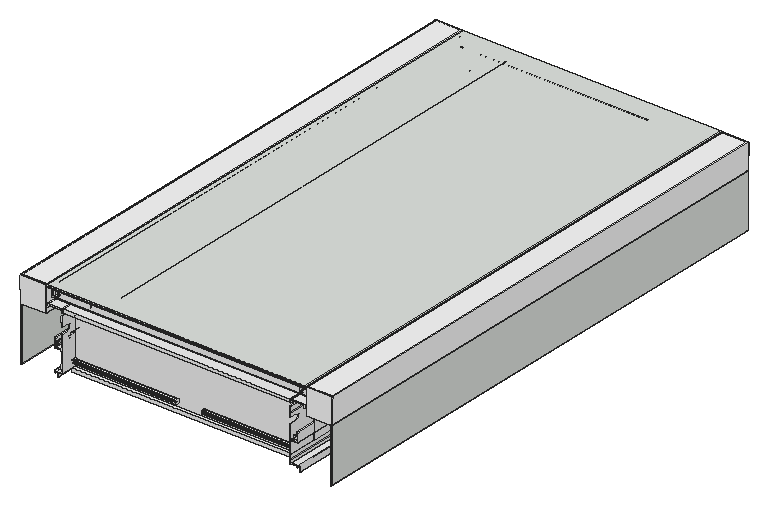
Revit family "Furniture-Lighted_Mirror_Cabinet-KOHLER-Verdera-K-26381T_1", category Lighting Fixtures, host Face, Revit 2021
Family settings
  Host = Face
  Round Connector Dimension = Use Diameter
  Part Type = Normal
  OmniClass Number = 23.25.53.11.13.11
  OmniClass Title = Medicine Cabinet
  Cut with Voids When Loaded = No
  Light Source = Yes
  Shared = No
  Room Calculation Point = No
Parameters (values of type "NA-Mild Silver")
  Width = 18 115/128"  # constant formula
  Wattage Comments = "36W"  # constant formula
  Wattage = 35.9911 W
  WaterSense Certified = 1 = 0  # no
  built-in parameter 1150110 = 1 (stored number, unit not read)
  Voltage = 220 V  # constant formula
  URL = "http://www.kohler.com.cn/"
  Type = 1
  built-in parameter 1114217 = 1 (stored number, unit not read)
  built-in parameter 1150109 = 1 (stored number, unit not read)
  built-in parameter 1150134 = 12
  built-in parameter 1150113 = 1 (stored number, unit not read)
  Product Page URL = "https://www.kohler.com.cn/product/K-26381T-L-NA/K-26381T-L-NA/"
  Product Name = "Verdera"  # constant formula
  Product Documentation Link = "https://files.kohler.com.cn/pdfs/1604632419058_%E6%96%B0%E7%BB%B4%E4%B9%902.0%E9%95%9C%E6%9F%9C%E9%93%B6%E8%89%B2%E7%89%88%E5%AE%89%E8%A3%85%E8%AF%B4%E6%98%8E%E4%B9%A6.pdf"
  Model = "K-26381T-L-NA"  # constant formula
  Material = "Aluminium"  # constant formula
  Master Format 2014 Name = "Storage Cabinets"  # constant formula
  Master Format 2014 = "41 53 13"  # constant formula
  Manufacturer Address = "Kohler Beijing Office (100016) 36-2-03-B, No. 88, Liuxiang Road, Beijing"  # constant formula
  Manufacturer = "Kohler Co."  # constant formula
  built-in parameter 1150105 = 413.8 (stored number, unit not read)
  Lumens = 1300 lm
  built-in parameter 1150115 = 1 (stored number, unit not read)
  Light Source Symbol Size = 9"  # constant formula
  built-in parameter 1150137 = (empty or 0)
  built-in parameter 1150139 = (empty or 0)
  Length = 4 59/64"  # constant formula
  built-in parameter 1150112 = 1 (stored number, unit not read)
  built-in parameter 1150114 = 1 (stored number, unit not read)
  Lamp = "LED "  # constant formula
  built-in parameter 1150132 = 2
  built-in parameter 1150102 = (empty or 0)
  built-in parameter 1150107 = 4000 (stored number, unit not read)
  built-in parameter 1150138 = (empty or 0)
  built-in parameter 1150106 = 4.138 (stored number, unit not read)
  Height = 31 71/128"  # constant formula
  Hardware Included = 1 = 0  # no
  Finish = KOHLER-Metal-NA-Mild_Silver
  Environmental Product Declaration = ""
  Emit from Line Length = 24"
  Electrical Note = "One Dedicated Circuit Required"  # constant formula
  Electrical Connector = 1 = 1  # yes
  built-in parameter 1150104 = 3.3557 (stored number, unit not read)
  Dimming Lamp Color Temperature Shift = Incandescent Lamp Curve
  Description = "New Weile 2.0 Mirror Cabinet (500MM, Silver, Left Door)"  # constant formula
  Default Elevation = 60"
  Declare Label = ""
  Date Modified = "08/03/2022"  # constant formula
  Date Created = "08/03/2022"  # constant formula
  Copyright = "Copyright Kohler Co."  # constant formula
  Contact Us = "http://www.kohler.com.cn/contact/contact-us/"
  Color Filter = 16777215
  built-in parameter 1114218 = 1 (stored number, unit not read)
  built-in parameter 1150133 = 10 (stored number, unit not read)
  Assembly Code = "E2010"
  Apparent Load = 36 VA  # constant formula
  ADA Compliant = 1 = 0  # no
Reference planes (in)
  plane 1 "Center (Front/Back)": y = 0
  plane 2: z = 0
  plane 3 "Center (Left/Right)": x = 0
  plane 4: y = 15.80709
  plane 5: x = 9.44882
  plane 6: x = 8.66203
  plane 7: x = -9.44962
  plane 8: x = -8.66203
  plane 9: y = 15.74803
  plane 10: x = 6.2279
  plane 11: x = -7.81496
  plane 12: x = 7.81496
  plane 13: z = 1.9685
  plane 14: z = 4.1381
  plane 15: z = 4.92187
  plane 16: z = 3.34722
  plane 17: y = -15.7476
Dimensions and locks (in)
  "Width": plane 7 to plane 5
  "Height": plane 4 to plane 17
  "Length": plane 15 to level
  plane 11 to plane 12 = 15.62992"
  plane 6 to imposter light = 17.32406"
  plane 15 to plane 16 = 1.57466"
  plane 16 to level = 3.34722"
  aligned and locked: plane 2 to host face
  aligned and locked: level to host face
Automatic sketch dimensions
  host sketch curve to host sketch curve = 96"  (x2)
Nested families (in)
  nested 1: "K-26381T" at (3.93701, 0, 0), type "K-26381T"
Connectors (in)
  electrical at (6.2279, 15.80709, 1.9685), driven by "Voltage", driven by "Apparent Load", driven by "Electrical Connector", driven by "Electrical Note"
    settings: on nested 1, index 1, voltage 220 V, apparent load 36 VA, apparent load phase1 0 VA, apparent load phase2 0 VA, apparent load phase3 0 VA, power factor 1, load classification "Lighting", number of poles 1, system type 30, power factor state 1, is connector primary yes, connector utility yes, sub classification motor no, connector description "One Dedicated Circuit Required"
Definition of nested family "K-26381T"
  Parameters (values of type "K-26381T")
    Wattage = 8.75174 W
    built-in parameter 1150110 = 1 (stored number, unit not read)
    built-in parameter 1114217 = 1 (stored number, unit not read)
    built-in parameter 1150109 = 1 (stored number, unit not read)
    built-in parameter 1150134 = 12
    built-in parameter 1150113 = 1 (stored number, unit not read)
    Material = none
    built-in parameter 1150105 = 413.8 (stored number, unit not read)
    Lumens = 1300 lm
    built-in parameter 1150115 = 1 (stored number, unit not read)
    Light Source Symbol Size = 9"
    built-in parameter 1150137 = (empty or 0)
    built-in parameter 1150139 = (empty or 0)
    built-in parameter 1150112 = 1 (stored number, unit not read)
    built-in parameter 1150114 = 1 (stored number, unit not read)
    built-in parameter 1150132 = 2
    built-in parameter 1150102 = (empty or 0)
    built-in parameter 1150107 = 4000 (stored number, unit not read)
    built-in parameter 1150138 = (empty or 0)
    built-in parameter 1150106 = 4.138 (stored number, unit not read)
    Emit from Line Length = 24"
    built-in parameter 1150104 = 13.8 (stored number, unit not read)
    Dimming Lamp Color Temperature Shift = 1
    Default Elevation = 0"
    Color Filter = 16777215
    built-in parameter 1114218 = 1 (stored number, unit not read)
    built-in parameter 1150133 = 10 (stored number, unit not read)
  Reference planes (in)
    plane 1 "Center (Front/Back)": y = 0
    plane 2: z = 0
    plane 3 "Center (Left/Right)": x = -3.93701
    plane 4: y = -15.74803
    plane 5: z = 2.28161
    plane 6: z = 4.92126
    plane 7: x = 5.51181
    plane 8: x = -13.38583
    plane 9: y = 15.80709
    plane 10: z = 3.3466
    plane 11: x = -12.59179
    plane 12: x = 4.72502
    plane 13: z = 4.1381
    plane 14: x = -11.75197
    plane 15: x = 3.87795
    plane 16 "conn": z = 1.9685
    plane 17 "Conn": x = 2.29089
  Forms (in)
    Sweep 1, solid
      path origin (-18.89764, 0, 0) x (1, 0, 0) y (0, 1, 0)
        loop
          line (22.74409, -15.71654) -> (22.74409, 15.71654) -> (7.17717, 15.71654) -> (7.17717, -15.71654) -> (22.74409, -15.71654)
      profile origin (3.84646, 0, 0) x (-1, 0, 0) y (0, 0, 1)
        loop
          line (0, 4.92141) -> (-0.0315, 4.88991) -> (-0.0315, 4.83479) -> (0, 4.8033) -> (0.88625, 4.8033) -> (0.88625, 4.92141) -> (0, 4.92141)
    Extrusion 2, solid, material <- "Material", detail levels medium+fine
      sketch origin (-14.4685, 0, 0.03076) x (0, 1, 0) y (0, 0, 1)
        loop
          line (15.51181, 4.19188) -> (15.51181, 4.63386)
          arc (15.51181, 4.63386) -> (15.52334, 4.6617) -> (15.55118, 4.67323) r 0.03937
          line (15.55118, 4.67323) -> (15.66022, 4.67323)
          arc (15.66022, 4.67323) -> (15.70943, 4.72244) -> (15.66022, 4.77165) r 0.04921
          line (15.66022, 4.77165) -> (15.41339, 4.77165) -> (15.41339, 4.19188)
          arc (15.41339, 4.19188) -> (15.4626, 4.14267) -> (15.51181, 4.19188) r 0.04921
      from 2.75591 to 16.79134
    Extrusion 3, solid
      sketch origin (0, 0, 0) x (1, 0, 0) y (0, 1, 0)
        loop
          line (-10.83422, 14.83029) -> (-10.83422, -14.83029) -> (2.96021, -14.83029) -> (2.96021, 14.83029) -> (-10.83422, 14.83029)
      from 4.80315 to 4.92126
    Sweep 4, solid
      path origin (3.93701, 0, 0) x (0, 1, 0) y (0, 0, -1)
        loop
          line (15.70866, -0.11811) -> (-15.70866, -0.11811) -> (-15.70866, -3.30709) -> (15.70866, -3.30709) -> (15.70866, -0.11811)
      profile origin (3.93701, 0, 0.11811) x (0, 0, 1) y (-1, 0, 0)
        loop
          line (0.13338, 17.20472) -> (0.13338, 17.32283) -> (0.00015, 17.32283) -> (-0.03937, 17.28332) -> (-0.03937, 17.24424) -> (0.00015, 17.20472) -> (0.13338, 17.20472)
    Extrusion 5, solid
      sketch origin (3.93701, 0, 0) x (0, 1, 0) y (0, 0, -1)
        loop
          line (-15.57528, -3.17371) -> (15.57528, -3.17371) -> (15.57528, -0.25149) -> (-15.57528, -0.25149) -> (-15.57528, -3.17371)
      from 17.20472 to 17.32283
    Extrusion 6, solid
      sketch origin (3.93701, 0, 0) x (1, 0, 0) y (0, 0, 1)
        loop
          arc (-17.32283, 3.38604) -> (-17.31124, 3.35805) -> (-17.28326, 3.34646) r 0.03958
          line (-17.28326, 3.34646) -> (-15.7874, 3.34646)
          arc (-15.7874, 3.34646) -> (-15.75956, 3.35799) -> (-15.74803, 3.38583) r 0.03937
          line (-15.74803, 3.38583) -> (-15.74803, 4.88194)
          arc (-15.74803, 4.88194) -> (-15.75955, 4.90974) -> (-15.78735, 4.92126) r 0.03932
          line (-15.78735, 4.92126) -> (-17.28318, 4.92126)
          arc (-17.28318, 4.92126) -> (-17.31122, 4.90965) -> (-17.32283, 4.88161) r 0.03965
          line (-17.32283, 4.88161) -> (-17.32283, 3.38604)
        loop
          line (-15.78735, 4.90157) -> (-17.28318, 4.90157)
          arc (-17.28318, 4.90157) -> (-17.2973, 4.89573) -> (-17.30315, 4.88161) r 0.01997
          line (-17.30315, 4.88161) -> (-17.30315, 3.38604)
          arc (-17.30315, 3.38604) -> (-17.29732, 3.37197) -> (-17.28326, 3.36614) r 0.01989
          line (-17.28326, 3.36614) -> (-15.7874, 3.36614)
          arc (-15.7874, 3.36614) -> (-15.77348, 3.37191) -> (-15.76772, 3.38583) r 0.01969
          line (-15.76772, 3.38583) -> (-15.76772, 4.88194)
          arc (-15.76772, 4.88194) -> (-15.77347, 4.89582) -> (-15.78735, 4.90157) r 0.01963
      from -15.68898 to 15.68898
    Extrusion 7, solid
      sketch origin (3.93701, 0, 0) x (1, 0, 0) y (0, 0, 1)
        loop
          arc (-17.27149, 4.9152) -> (-17.30362, 4.90188) -> (-17.31693, 4.86975) r 0.04544
          line (-17.31693, 4.86975) -> (-17.31692, 3.39865)
          arc (-17.31692, 3.39865) -> (-17.30336, 3.36592) -> (-17.27063, 3.35236) r 0.04628
          line (-17.27063, 3.35236) -> (-15.80012, 3.35237)
          arc (-15.80012, 3.35237) -> (-15.76746, 3.3659) -> (-15.75393, 3.39857) r 0.04619
          line (-15.75393, 3.39857) -> (-15.75394, 4.86788)
          arc (-15.75394, 4.86788) -> (-15.76785, 4.90146) -> (-15.80142, 4.91536) r 0.04748
          line (-15.80142, 4.91536) -> (-17.27149, 4.9152)
      from -15.74803 to -15.68898
    Extrusion 8, solid
      sketch origin (3.93701, 0, 0) x (1, 0, 0) y (0, 0, -1)
        loop
          line (-17.27149, -4.9152) -> (-15.80142, -4.91536)
          arc (-15.80142, -4.91536) -> (-15.76785, -4.90146) -> (-15.75394, -4.86788) r 0.04748
          line (-15.75394, -4.86788) -> (-15.75393, -3.39857)
          arc (-15.75393, -3.39857) -> (-15.76746, -3.3659) -> (-15.80012, -3.35237) r 0.04619
          line (-15.80012, -3.35237) -> (-17.27063, -3.35236)
          arc (-17.27063, -3.35236) -> (-17.30336, -3.36592) -> (-17.31692, -3.39865) r 0.04628
          line (-17.31692, -3.39865) -> (-17.31693, -4.86975)
          arc (-17.31693, -4.86975) -> (-17.30362, -4.90188) -> (-17.27149, -4.9152) r 0.04544
      from -15.74803 to -15.68898
    Extrusion 9, solid, material <- "Material", detail levels medium+fine
      sketch origin (3.93701, 0, 0) x (-1, 0, 0) y (0, 0, -1)
        loop
          line (15.31496, -1.37795) -> (15.23622, -1.37795) -> (15.23622, -3.30709)
          arc (15.23622, -3.30709) -> (15.24775, -3.33493) -> (15.27559, -3.34646) r 0.03937
          line (15.27559, -3.34646) -> (15.7874, -3.34646) -> (16.77165, -3.34646) -> (16.77165, -3.26772) -> (15.31496, -3.26772) -> (15.31496, -1.37795)
      from -14.54724 to -13.36614
    Extrusion 10, solid, material <- "Material", detail levels medium+fine
      sketch origin (3.93701, -13.8189, 0) x (-1, 0, 0) y (0, 0, -1)
        loop
          line (15.31496, -1.37795) -> (15.23622, -1.37795) -> (15.23622, -3.30709)
          arc (15.23622, -3.30709) -> (15.24775, -3.33493) -> (15.27559, -3.34646) r 0.03937
          line (15.27559, -3.34646) -> (15.7874, -3.34646) -> (16.77165, -3.34646) -> (16.77165, -3.26772) -> (15.31496, -3.26772) -> (15.31496, -1.37795)
      from -14.40945 to -13.22835
    Extrusion 11, solid, material <- "Material", detail levels medium+fine
      sketch origin (3.93701, -27.59843, 0) x (-1, 0, 0) y (0, 0, -1)
        loop
          line (15.31496, -1.37795) -> (15.23622, -1.37795) -> (15.23622, -3.30709)
          arc (15.23622, -3.30709) -> (15.24775, -3.33493) -> (15.27559, -3.34646) r 0.03937
          line (15.27559, -3.34646) -> (15.7874, -3.34646) -> (16.77165, -3.34646) -> (16.77165, -3.26772) -> (15.31496, -3.26772) -> (15.31496, -1.37795)
      from -14.23228 to -13.05118
    Extrusion 12, solid, material <- "Material", detail levels medium+fine
      sketch origin (-5.90551, 0, 0) x (0, 1, 0) y (0, 0, 1)
        loop
          line (-15.03937, 0.45669) -> (-15.03937, 0.23626) -> (-14.98031, 0.23626) -> (-14.98031, 0.3937) -> (-14.48876, 0.3937) -> (-14.48876, 0.45669) -> (-14.76378, 0.45669) -> (-14.76378, 3.93701) -> (-15.74803, 3.93701) -> (-15.74803, 3.74016) -> (-15.61024, 3.74016) -> (-15.61024, 3.80315) -> (-15.68504, 3.80315) -> (-15.68504, 3.87402) -> (-14.82677, 3.87402) -> (-14.82677, 3.4609)
          arc (-14.82677, 3.4609) -> (-14.83776, 3.44238) -> (-14.85928, 3.44316) r 0.0211
          arc (-14.85928, 3.44316) -> (-14.93337, 3.46127) -> (-15.00287, 3.42988) r 0.117
          arc (-15.00287, 3.42988) -> (-15.00421, 3.38943) -> (-14.96377, 3.38776) r 0.02873
          arc (-14.96377, 3.38776) -> (-14.86285, 3.34318) -> (-14.9639, 3.29888) r 0.06027
          arc (-14.9639, 3.29888) -> (-15.00456, 3.29736) -> (-15.00344, 3.25669) r 0.02891
          arc (-15.00344, 3.25669) -> (-14.93136, 3.22459) -> (-14.8553, 3.24555) r 0.117
          arc (-14.8553, 3.24555) -> (-14.83653, 3.2468) -> (-14.82677, 3.23073) r 0.01811
          line (-14.82677, 3.23073) -> (-14.82677, 0.90007)
          arc (-14.82677, 0.90007) -> (-14.83653, 0.884) -> (-14.8553, 0.88525) r 0.01811
          arc (-14.8553, 0.88525) -> (-14.93136, 0.90621) -> (-15.00344, 0.87412) r 0.117
          arc (-15.00344, 0.87412) -> (-15.00456, 0.83345) -> (-14.9639, 0.83193) r 0.02891
          arc (-14.9639, 0.83193) -> (-14.86285, 0.78763) -> (-14.96377, 0.74304) r 0.06027
          arc (-14.96377, 0.74304) -> (-15.00421, 0.74137) -> (-15.00287, 0.70092) r 0.02873
          arc (-15.00287, 0.70092) -> (-14.93337, 0.66953) -> (-14.85928, 0.68764) r 0.117
          arc (-14.85928, 0.68764) -> (-14.83776, 0.68842) -> (-14.82677, 0.6699) r 0.0211
          line (-14.82677, 0.6699) -> (-14.82677, 0.45669) -> (-15.03937, 0.45669)
      from -4.92126 to 8.85827
    Extrusion 13, solid, material <- "Material", detail levels medium+fine
      sketch origin (-14.4685, 0, 0) x (0, -1, 0) y (0, 0, -1)
        loop
          arc (15.47244, -4.22288) -> (15.42323, -4.17367) -> (15.37402, -4.22288) r 0.04921
          line (15.37402, -4.22288) -> (15.37402, -4.8033) -> (15.62085, -4.8033)
          arc (15.62085, -4.8033) -> (15.67006, -4.75408) -> (15.62085, -4.70487) r 0.04921
          line (15.62085, -4.70487) -> (15.51181, -4.70487)
          arc (15.51181, -4.70487) -> (15.48397, -4.69334) -> (15.47244, -4.6655) r 0.03937
          line (15.47244, -4.6655) -> (15.47244, -4.22288)
      from 2.75591 to 18.30709
    Extrusion 14, solid, material <- "Material", detail levels medium+fine
      sketch origin (0, 0, 0) x (0, 1, 0) y (0, 0, 1)
        loop
          line (15.63884, 3.64158) -> (15.74606, 3.63976) -> (15.74606, 0.29724) -> (15.63706, 0.2954)
          arc (15.63706, 0.2954) -> (15.60797, 0.26556) -> (15.63756, 0.23622) r 0.02959
          line (15.63756, 0.23622) -> (15.74438, 0.23622)
          arc (15.74438, 0.23622) -> (15.78872, 0.25459) -> (15.80709, 0.29893) r 0.06271
          line (15.80709, 0.29893) -> (15.80709, 3.64065)
          arc (15.80709, 3.64065) -> (15.78947, 3.68317) -> (15.74695, 3.70079) r 0.06013
          line (15.74695, 3.70079) -> (15.63934, 3.70079)
          arc (15.63934, 3.70079) -> (15.60974, 3.67143) -> (15.63884, 3.64158) r 0.02961
      from -11.61417 to 3.74016
    Extrusion 15, solid, material <- "Material", detail levels medium+fine
      sketch origin (3.93701, 0, 0) x (1, 0, 0) y (0, 1, 0)
        loop
          arc (-13.94228, 10.4252) -> (-13.83093, 10.47132) -> (-13.7848, 10.58268) r 0.15748
          line (-13.7848, 10.58268) -> (-13.7848, 12.88189)
          arc (-13.7848, 12.88189) -> (-13.83093, 12.99325) -> (-13.94228, 13.03937) r 0.15748
          line (-13.94228, 13.03937) -> (-14.49346, 13.03937)
          arc (-14.49346, 13.03937) -> (-14.60482, 12.99325) -> (-14.65094, 12.88189) r 0.15748
          line (-14.65094, 12.88189) -> (-14.65094, 10.58268)
          arc (-14.65094, 10.58268) -> (-14.60482, 10.47132) -> (-14.49346, 10.4252) r 0.15748
          line (-14.49346, 10.4252) -> (-13.94228, 10.4252)
      from 3.95959 to 4.0777
    Extrusion 16, solid, material <- "Material", detail levels medium+fine
      sketch origin (3.93701, 0, 0) x (1, 0, 0) y (0, 1, 0)
        loop
          arc (-14.65094, 10.91435) -> (-13.89608, 11.73228) -> (-14.65094, 12.55022) r 0.82057
          arc (-14.65094, 12.55022) -> (-15.11621, 12.45383) -> (-15.45629, 12.122) r 0.84665
          arc (-15.45629, 12.122) -> (-15.45815, 12.06673) -> (-15.41397, 12.03346) r 0.05993
          arc (-15.41397, 12.03346) -> (-15.4759, 11.73228) -> (-15.41397, 11.4311) r 0.76329
          arc (-15.41397, 11.4311) -> (-15.45815, 11.39784) -> (-15.45629, 11.34256) r 0.05993
          arc (-15.45629, 11.34256) -> (-15.11621, 11.01074) -> (-14.65094, 10.91435) r 0.84665
      from 4.05801 to 4.17338
    Extrusion 17, solid, material <- "Material", detail levels medium+fine
      sketch origin (-5.90551, 0, 0) x (0, -1, 0) y (0, 0, -1)
        loop
          line (-15.03937, -0.45669) -> (-14.82677, -0.45669) -> (-14.82677, -0.6699)
          arc (-14.82677, -0.6699) -> (-14.83776, -0.68842) -> (-14.85928, -0.68764) r 0.0211
          arc (-14.85928, -0.68764) -> (-14.93337, -0.66953) -> (-15.00287, -0.70092) r 0.117
          arc (-15.00287, -0.70092) -> (-15.00421, -0.74137) -> (-14.96377, -0.74304) r 0.02873
          arc (-14.96377, -0.74304) -> (-14.86285, -0.78763) -> (-14.9639, -0.83193) r 0.06027
          arc (-14.9639, -0.83193) -> (-15.00456, -0.83345) -> (-15.00344, -0.87412) r 0.02891
          arc (-15.00344, -0.87412) -> (-14.93136, -0.90621) -> (-14.8553, -0.88525) r 0.117
          arc (-14.8553, -0.88525) -> (-14.83653, -0.884) -> (-14.82677, -0.90007) r 0.01811
          line (-14.82677, -0.90007) -> (-14.82677, -3.23073)
          arc (-14.82677, -3.23073) -> (-14.83653, -3.2468) -> (-14.8553, -3.24555) r 0.01811
          arc (-14.8553, -3.24555) -> (-14.93136, -3.22459) -> (-15.00344, -3.25669) r 0.117
          arc (-15.00344, -3.25669) -> (-15.00456, -3.29736) -> (-14.9639, -3.29888) r 0.02891
          arc (-14.9639, -3.29888) -> (-14.86285, -3.34318) -> (-14.96377, -3.38776) r 0.06027
          arc (-14.96377, -3.38776) -> (-15.00421, -3.38943) -> (-15.00287, -3.42988) r 0.02873
          arc (-15.00287, -3.42988) -> (-14.93337, -3.46127) -> (-14.85928, -3.44316) r 0.117
          arc (-14.85928, -3.44316) -> (-14.83776, -3.44238) -> (-14.82677, -3.4609) r 0.0211
          line (-14.82677, -3.4609) -> (-14.82677, -3.87402) -> (-15.68504, -3.87402) -> (-15.68504, -3.80315) -> (-15.61024, -3.80315) -> (-15.61024, -3.74016) -> (-15.74803, -3.74016) -> (-15.74803, -3.93701) -> (-14.76378, -3.93701) -> (-14.76378, -0.45669) -> (-14.48876, -0.45669) -> (-14.48876, -0.3937) -> (-14.98031, -0.3937) -> (-14.98031, -0.23626) -> (-15.03937, -0.23626) -> (-15.03937, -0.45669)
      from -4.92126 to 8.85827
    Extrusion 18, solid, material <- "Material", detail levels medium+fine
      sketch origin (3.93701, 0, 0) x (-1, 0, 0) y (0, 0, -1)
        loop
          line (15.61007, -3.74016) -> (15.61007, -3.80315) -> (15.66535, -3.80315)
          arc (15.66535, -3.80315) -> (15.67927, -3.80892) -> (15.68504, -3.82283) r 0.01969
          line (15.68504, -3.82283) -> (15.68504, -3.85433)
          arc (15.68504, -3.85433) -> (15.67927, -3.86825) -> (15.66535, -3.87402) r 0.01969
          line (15.66535, -3.87402) -> (14.84735, -3.87402)
          arc (14.84735, -3.87402) -> (14.8328, -3.86799) -> (14.82677, -3.85344) r 0.02058
          line (14.82677, -3.85344) -> (14.82677, -3.51867) -> (14.83858, -3.48622) -> (14.83858, -3.20669) -> (14.82677, -3.17424) -> (14.82677, -1.75591)
          arc (14.82677, -1.75591) -> (14.83254, -1.74199) -> (14.84646, -1.73622) r 0.01969
          line (14.84646, -1.73622) -> (15.16535, -1.73622)
          arc (15.16535, -1.73622) -> (15.17927, -1.74199) -> (15.18504, -1.75591) r 0.01969
          line (15.18504, -1.75591) -> (15.18504, -1.84805)
          arc (15.18504, -1.84805) -> (15.17534, -1.86502) -> (15.15579, -1.86526) r 0.01969
          arc (15.15579, -1.86526) -> (15.12806, -1.85417) -> (15.09843, -1.85039) r 0.11811
          arc (15.09843, -1.85039) -> (15.05462, -1.85882) -> (15.01707, -1.88288) r 0.11811
          arc (15.01707, -1.88288) -> (15.01607, -1.92398) -> (15.05717, -1.92489) r 0.02904
          arc (15.05717, -1.92489) -> (15.158, -1.96638) -> (15.05942, -2.01297) r 0.0596
          arc (15.05942, -2.01297) -> (15.01788, -2.01591) -> (15.02073, -2.05746) r 0.02948
          arc (15.02073, -2.05746) -> (15.05693, -2.07909) -> (15.09843, -2.08661) r 0.11811
          arc (15.09843, -2.08661) -> (15.12806, -2.08284) -> (15.15579, -2.07175) r 0.11811
          arc (15.15579, -2.07175) -> (15.17534, -2.07199) -> (15.18504, -2.08895) r 0.01969
          line (15.18504, -2.08895) -> (15.18504, -2.23871)
          arc (15.18504, -2.23871) -> (15.21063, -2.2643) -> (15.23622, -2.23871) r 0.02559
          line (15.23622, -2.23871) -> (15.23622, -1.69291)
          arc (15.23622, -1.69291) -> (15.23045, -1.67899) -> (15.21654, -1.67323) r 0.01969
          line (15.21654, -1.67323) -> (14.84646, -1.67323)
          arc (14.84646, -1.67323) -> (14.83254, -1.66746) -> (14.82677, -1.65354) r 0.01969
          line (14.82677, -1.65354) -> (14.82677, -0.93898) -> (14.83858, -0.90653) -> (14.83858, -0.67991) -> (14.82677, -0.63583) -> (14.82677, -0.47638)
          arc (14.82677, -0.47638) -> (14.83254, -0.46246) -> (14.84646, -0.45669) r 0.01969
          line (14.84646, -0.45669) -> (15.21654, -0.45669)
          arc (15.21654, -0.45669) -> (15.23045, -0.45093) -> (15.23622, -0.43701) r 0.01969
          line (15.23622, -0.43701) -> (15.23622, -0.03135)
          arc (15.23622, -0.03135) -> (15.20472, 0.00015) -> (15.17323, -0.03135) r 0.0315
          line (15.17323, -0.03135) -> (15.17323, -0.37274)
          arc (15.17323, -0.37274) -> (15.16709, -0.38756) -> (15.15227, -0.3937) r 0.02096
          line (15.15227, -0.3937) -> (14.78346, -0.3937)
          arc (14.78346, -0.3937) -> (14.76955, -0.39947) -> (14.76378, -0.41339) r 0.01969
          line (14.76378, -0.41339) -> (14.76378, -3.91705)
          arc (14.76378, -3.91705) -> (14.76963, -3.93116) -> (14.78374, -3.93701) r 0.01996
          line (14.78374, -3.93701) -> (15.72835, -3.93701)
          arc (15.72835, -3.93701) -> (15.74227, -3.93124) -> (15.74803, -3.91732) r 0.01969
          line (15.74803, -3.91732) -> (15.74803, -3.75984)
          arc (15.74803, -3.75984) -> (15.74227, -3.74592) -> (15.72835, -3.74016) r 0.01969
          line (15.72835, -3.74016) -> (15.61007, -3.74016)
      from -15.74803 to 15.74803
    Sweep 19, solid, detail levels medium+fine
      path origin (0, 0, 0) x (1, 0, 0) y (0, 1, 0)
        loop
          line (3.29134, 14.90157) -> (-11.18504, 14.90157) -> (-11.18504, -14.90157) -> (3.29134, -14.90157) -> (3.29134, 14.90157)
      profile origin (-11.18504, 14.90157, 0) x (1, 0, 0) y (0, 0, 1)
        loop
          line (0.02741, 0.3937) -> (-0.01181, 0.35448) -> (-0.01181, 0.31511) -> (0.02756, 0.27574) -> (0.15748, 0.27574) -> (0.15748, 0.3937) -> (0.02741, 0.3937)
    Extrusion 20, solid, detail levels medium+fine
      sketch origin (0, 0, 0) x (1, 0, 0) y (0, 1, 0)
        loop
          line (3.1063, 14.74409) -> (-11.02756, 14.74409) -> (-11.02756, -14.76378) -> (3.1063, -14.76378) -> (3.1063, 14.74409)
      from 0.27574 to 0.3937
    Extrusion 21, void
      sketch origin (3.93701, 0, 0) x (0, 1, 0) y (0, 0, 1)
        loop
          line (-15.36011, 2.95276) -> (-15.87343, 2.95276) -> (-15.87343, 3.54331) -> (-15.54618, 3.54331)
          arc (-15.54618, 3.54331) -> (-15.52188, 3.55337) -> (-15.51181, 3.57768) r 0.03437
          line (-15.51181, 3.57768) -> (-15.51181, 3.70115)
          arc (-15.51181, 3.70115) -> (-15.52323, 3.72873) -> (-15.55081, 3.74016) r 0.039
          line (-15.55081, 3.74016) -> (-16.07028, 3.74016) -> (-16.07028, -0.05519) -> (-15.51181, -0.05519) -> (-15.51181, 0.31496)
          arc (-15.51181, 0.31496) -> (-15.52334, 0.3428) -> (-15.55118, 0.35433) r 0.03937
          line (-15.55118, 0.35433) -> (-15.87343, 0.35433) -> (-15.87343, 2.55906) -> (-15.36011, 2.55906)
          arc (-15.36011, 2.55906) -> (-15.16326, 2.75591) -> (-15.36011, 2.95276) r 0.19685
      from -15.36412 to -14.59348
    Extrusion 22, solid, material <- "Material", detail levels medium+fine
      sketch origin (3.93701, 0, 0) x (-1, 0, 0) y (0, 0, -1)
        loop
          arc (16.40179, -3.20866) -> (16.38494, -3.21564) -> (16.37795, -3.2325) r 0.02384
          line (16.37795, -3.2325) -> (16.37795, -3.27559) -> (16.24602, -3.27559)
          arc (16.24602, -3.27559) -> (16.23074, -3.28192) -> (16.22441, -3.29721) r 0.02161
          line (16.22441, -3.29721) -> (16.22441, -3.34646) -> (16.84646, -3.34646) -> (16.84646, -3.29585)
          arc (16.84646, -3.29585) -> (16.84052, -3.28153) -> (16.82619, -3.27559) r 0.02026
          line (16.82619, -3.27559) -> (16.69291, -3.27559) -> (16.69291, -3.23149)
          arc (16.69291, -3.23149) -> (16.68623, -3.21535) -> (16.67009, -3.20866) r 0.02283
          line (16.67009, -3.20866) -> (16.40179, -3.20866)
      from -2.91339 to -2.59843
    Sweep 23, solid
      path origin (-11.81102, 0, 0) x (0, 1, 0) y (0, 0, 1)
        loop
          line (15.70866, 0.11811) -> (15.70866, 3.30709) -> (-15.70866, 3.30709) -> (-15.70866, 0.11811) -> (15.70866, 0.11811)
      profile origin (-11.81102, 0, 0.11811) x (0, 0, -1) y (1, 0, 0)
        loop
          line (-0.13338, 17.20472) -> (0, 17.20472) -> (0.03937, 17.24409) -> (0.03937, 17.28346) -> (0, 17.32283) -> (-0.13338, 17.32283) -> (-0.13338, 17.20472)
    Extrusion 24, solid
      sketch origin (-11.81102, 0, 0) x (0, 1, 0) y (0, 0, 1)
        loop
          line (-15.57528, 3.17371) -> (-15.57528, 0.25149) -> (15.57528, 0.25149) -> (15.57528, 3.17371) -> (-15.57528, 3.17371)
      from 17.20472 to 17.32283
    Extrusion 25, solid
      sketch origin (-11.81102, 0, 0) x (-1, 0, 0) y (0, 0, -1)
        loop
          line (-17.32283, -3.38604) -> (-17.32283, -4.88161)
          arc (-17.32283, -4.88161) -> (-17.31122, -4.90965) -> (-17.28318, -4.92126) r 0.03965
          line (-17.28318, -4.92126) -> (-15.78735, -4.92126)
          arc (-15.78735, -4.92126) -> (-15.75955, -4.90974) -> (-15.74803, -4.88194) r 0.03932
          line (-15.74803, -4.88194) -> (-15.74803, -3.38583)
          arc (-15.74803, -3.38583) -> (-15.75956, -3.35799) -> (-15.7874, -3.34646) r 0.03937
          line (-15.7874, -3.34646) -> (-17.28326, -3.34646)
          arc (-17.28326, -3.34646) -> (-17.31124, -3.35805) -> (-17.32283, -3.38604) r 0.03958
        loop
          arc (-15.78735, -4.90157) -> (-15.77347, -4.89582) -> (-15.76772, -4.88194) r 0.01963
          line (-15.76772, -4.88194) -> (-15.76772, -3.38583)
          arc (-15.76772, -3.38583) -> (-15.77348, -3.37191) -> (-15.7874, -3.36614) r 0.01969
          line (-15.7874, -3.36614) -> (-17.28326, -3.36614)
          arc (-17.28326, -3.36614) -> (-17.29732, -3.37197) -> (-17.30315, -3.38604) r 0.01989
          line (-17.30315, -3.38604) -> (-17.30315, -4.88161)
          arc (-17.30315, -4.88161) -> (-17.2973, -4.89573) -> (-17.28318, -4.90157) r 0.01997
          line (-17.28318, -4.90157) -> (-15.78735, -4.90157)
      from -15.68898 to 15.68898
    Extrusion 26, solid
      sketch origin (-11.81102, 0, 0) x (-1, 0, 0) y (0, 0, -1)
        loop
          line (-17.27149, -4.9152) -> (-15.80142, -4.91536)
          arc (-15.80142, -4.91536) -> (-15.76785, -4.90146) -> (-15.75394, -4.86788) r 0.04748
          line (-15.75394, -4.86788) -> (-15.75393, -3.39857)
          arc (-15.75393, -3.39857) -> (-15.76746, -3.3659) -> (-15.80012, -3.35237) r 0.04619
          line (-15.80012, -3.35237) -> (-17.27063, -3.35236)
          arc (-17.27063, -3.35236) -> (-17.30336, -3.36592) -> (-17.31692, -3.39865) r 0.04628
          line (-17.31692, -3.39865) -> (-17.31693, -4.86975)
          arc (-17.31693, -4.86975) -> (-17.30362, -4.90188) -> (-17.27149, -4.9152) r 0.04544
      from -15.74803 to -15.68898
    Extrusion 27, solid
      sketch origin (-11.81102, 0, 0) x (-1, 0, 0) y (0, 0, 1)
        loop
          arc (-17.27149, 4.9152) -> (-17.30362, 4.90188) -> (-17.31693, 4.86975) r 0.04544
          line (-17.31693, 4.86975) -> (-17.31692, 3.39865)
          arc (-17.31692, 3.39865) -> (-17.30336, 3.36592) -> (-17.27063, 3.35236) r 0.04628
          line (-17.27063, 3.35236) -> (-15.80012, 3.35237)
          arc (-15.80012, 3.35237) -> (-15.76746, 3.3659) -> (-15.75393, 3.39857) r 0.04619
          line (-15.75393, 3.39857) -> (-15.75394, 4.86788)
          arc (-15.75394, 4.86788) -> (-15.76785, 4.90146) -> (-15.80142, 4.91536) r 0.04748
          line (-15.80142, 4.91536) -> (-17.27149, 4.9152)
      from -15.74803 to -15.68898
    Extrusion 28, solid, material <- "Material", detail levels medium+fine
      sketch origin (-11.81102, 0, 0) x (1, 0, 0) y (0, 0, 1)
        loop
          line (15.31496, 1.37795) -> (15.31496, 3.26772) -> (16.77165, 3.26772) -> (16.77165, 3.34646) -> (15.7874, 3.34646) -> (15.27559, 3.34646)
          arc (15.27559, 3.34646) -> (15.24775, 3.33493) -> (15.23622, 3.30709) r 0.03937
          line (15.23622, 3.30709) -> (15.23622, 1.37795) -> (15.31496, 1.37795)
      from -14.54724 to -13.36614
    Extrusion 29, solid, material <- "Material", detail levels medium+fine
      sketch origin (-11.81102, -13.8189, 0) x (1, 0, 0) y (0, 0, 1)
        loop
          line (15.31496, 1.37795) -> (15.31496, 3.26772) -> (16.77165, 3.26772) -> (16.77165, 3.34646) -> (15.7874, 3.34646) -> (15.27559, 3.34646)
          arc (15.27559, 3.34646) -> (15.24775, 3.33493) -> (15.23622, 3.30709) r 0.03937
          line (15.23622, 3.30709) -> (15.23622, 1.37795) -> (15.31496, 1.37795)
      from -14.40945 to -13.22835
    Extrusion 30, solid, material <- "Material", detail levels medium+fine
      sketch origin (-11.81102, -27.59843, 0) x (1, 0, 0) y (0, 0, 1)
        loop
          line (15.31496, 1.37795) -> (15.31496, 3.26772) -> (16.77165, 3.26772) -> (16.77165, 3.34646) -> (15.7874, 3.34646) -> (15.27559, 3.34646)
          arc (15.27559, 3.34646) -> (15.24775, 3.33493) -> (15.23622, 3.30709) r 0.03937
          line (15.23622, 3.30709) -> (15.23622, 1.37795) -> (15.31496, 1.37795)
      from -14.23228 to -13.05118
    Extrusion 31, solid, material <- "Material", detail levels medium+fine
      sketch origin (-11.81102, 0, 0) x (1, 0, 0) y (0, 0, 1)
        loop
          line (15.61007, 3.74016) -> (15.72835, 3.74016)
          arc (15.72835, 3.74016) -> (15.74227, 3.74592) -> (15.74803, 3.75984) r 0.01969
          line (15.74803, 3.75984) -> (15.74803, 3.91732)
          arc (15.74803, 3.91732) -> (15.74227, 3.93124) -> (15.72835, 3.93701) r 0.01969
          line (15.72835, 3.93701) -> (14.78374, 3.93701)
          arc (14.78374, 3.93701) -> (14.76963, 3.93116) -> (14.76378, 3.91705) r 0.01996
          line (14.76378, 3.91705) -> (14.76378, 0.41339)
          arc (14.76378, 0.41339) -> (14.76955, 0.39947) -> (14.78346, 0.3937) r 0.01969
          line (14.78346, 0.3937) -> (15.15227, 0.3937)
          arc (15.15227, 0.3937) -> (15.16709, 0.38756) -> (15.17323, 0.37274) r 0.02096
          line (15.17323, 0.37274) -> (15.17323, 0.03135)
          arc (15.17323, 0.03135) -> (15.20472, -0.00015) -> (15.23622, 0.03135) r 0.0315
          line (15.23622, 0.03135) -> (15.23622, 0.43701)
          arc (15.23622, 0.43701) -> (15.23045, 0.45093) -> (15.21654, 0.45669) r 0.01969
          line (15.21654, 0.45669) -> (14.84646, 0.45669)
          arc (14.84646, 0.45669) -> (14.83254, 0.46246) -> (14.82677, 0.47638) r 0.01969
          line (14.82677, 0.47638) -> (14.82677, 0.63583) -> (14.83858, 0.67991) -> (14.83858, 0.90653) -> (14.82677, 0.93898) -> (14.82677, 1.65354)
          arc (14.82677, 1.65354) -> (14.83254, 1.66746) -> (14.84646, 1.67323) r 0.01969
          line (14.84646, 1.67323) -> (15.21654, 1.67323)
          arc (15.21654, 1.67323) -> (15.23045, 1.67899) -> (15.23622, 1.69291) r 0.01969
          line (15.23622, 1.69291) -> (15.23622, 2.23871)
          arc (15.23622, 2.23871) -> (15.21063, 2.2643) -> (15.18504, 2.23871) r 0.02559
          line (15.18504, 2.23871) -> (15.18504, 2.08895)
          arc (15.18504, 2.08895) -> (15.17534, 2.07199) -> (15.15579, 2.07175) r 0.01969
          arc (15.15579, 2.07175) -> (15.12806, 2.08284) -> (15.09843, 2.08661) r 0.11811
          arc (15.09843, 2.08661) -> (15.05693, 2.07909) -> (15.02073, 2.05746) r 0.11811
          arc (15.02073, 2.05746) -> (15.01788, 2.01591) -> (15.05942, 2.01297) r 0.02948
          arc (15.05942, 2.01297) -> (15.158, 1.96638) -> (15.05717, 1.92489) r 0.0596
          arc (15.05717, 1.92489) -> (15.01607, 1.92398) -> (15.01707, 1.88288) r 0.02904
          arc (15.01707, 1.88288) -> (15.05462, 1.85882) -> (15.09843, 1.85039) r 0.11811
          arc (15.09843, 1.85039) -> (15.12806, 1.85417) -> (15.15579, 1.86526) r 0.11811
          arc (15.15579, 1.86526) -> (15.17534, 1.86502) -> (15.18504, 1.84805) r 0.01969
          line (15.18504, 1.84805) -> (15.18504, 1.75591)
          arc (15.18504, 1.75591) -> (15.17927, 1.74199) -> (15.16535, 1.73622) r 0.01969
          line (15.16535, 1.73622) -> (14.84646, 1.73622)
          arc (14.84646, 1.73622) -> (14.83254, 1.74199) -> (14.82677, 1.75591) r 0.01969
          line (14.82677, 1.75591) -> (14.82677, 3.17424) -> (14.83858, 3.20669) -> (14.83858, 3.48622) -> (14.82677, 3.51867) -> (14.82677, 3.85344)
          arc (14.82677, 3.85344) -> (14.8328, 3.86799) -> (14.84735, 3.87402) r 0.02058
          line (14.84735, 3.87402) -> (15.66535, 3.87402)
          arc (15.66535, 3.87402) -> (15.67927, 3.86825) -> (15.68504, 3.85433) r 0.01969
          line (15.68504, 3.85433) -> (15.68504, 3.82283)
          arc (15.68504, 3.82283) -> (15.67927, 3.80892) -> (15.66535, 3.80315) r 0.01969
          line (15.66535, 3.80315) -> (15.61007, 3.80315) -> (15.61007, 3.74016)
      from -15.74803 to 15.74803
    Extrusion 32, void
      sketch origin (-11.81102, 0, 0) x (0, 1, 0) y (0, 0, -1)
        loop
          arc (-15.36011, -2.95276) -> (-15.16326, -2.75591) -> (-15.36011, -2.55906) r 0.19685
          line (-15.36011, -2.55906) -> (-15.87343, -2.55906) -> (-15.87343, -0.35433) -> (-15.55118, -0.35433)
          arc (-15.55118, -0.35433) -> (-15.52334, -0.3428) -> (-15.51181, -0.31496) r 0.03937
          line (-15.51181, -0.31496) -> (-15.51181, 0.05519) -> (-16.07028, 0.05519) -> (-16.07028, -3.74016) -> (-15.55171, -3.74016)
          arc (-15.55171, -3.74016) -> (-15.5235, -3.72847) -> (-15.51181, -3.70026) r 0.0399
          line (-15.51181, -3.70026) -> (-15.51181, -3.58246)
          arc (-15.51181, -3.58246) -> (-15.52328, -3.55478) -> (-15.55097, -3.54331) r 0.03916
          line (-15.55097, -3.54331) -> (-15.87343, -3.54331) -> (-15.87343, -2.95276) -> (-15.36011, -2.95276)
      from -15.36412 to -14.59348
    Extrusion 33, solid, material <- "Material", detail levels medium+fine
      sketch origin (-11.81102, 0, 0) x (1, 0, 0) y (0, 0, 1)
        loop
          line (16.40179, 3.20866) -> (16.67009, 3.20866)
          arc (16.67009, 3.20866) -> (16.68623, 3.21535) -> (16.69291, 3.23149) r 0.02283
          line (16.69291, 3.23149) -> (16.69291, 3.27559) -> (16.82619, 3.27559)
          arc (16.82619, 3.27559) -> (16.84052, 3.28153) -> (16.84646, 3.29585) r 0.02026
          line (16.84646, 3.29585) -> (16.84646, 3.34646) -> (16.22441, 3.34646) -> (16.22441, 3.29721)
          arc (16.22441, 3.29721) -> (16.23074, 3.28192) -> (16.24602, 3.27559) r 0.02161
          line (16.24602, 3.27559) -> (16.37795, 3.27559) -> (16.37795, 3.2325)
          arc (16.37795, 3.2325) -> (16.38494, 3.21564) -> (16.40179, 3.20866) r 0.02384
      from -2.91339 to -2.59843
    Blend 34, void
      base sketch origin (3.93739, 0, 0.03199) x (1, 0, 0) y (0, 0, 1)
        loop
          circle (-15.25631, 4.39755) r 0.15751
      top sketch origin (3.93739, 0, 0.03199) x (1, 0, 0) y (0, 0, 1)
        loop
          circle (-15.25631, 4.39755) r 0.07956
      from -15.51181 to -15.43447
    Blend 35, void
      base sketch origin (17.28022, 0, 0.03147) x (1, 0, 0) y (0, 0, 1)
        loop
          circle (-15.25631, 4.39755) r 0.15751
      top sketch origin (17.28022, 0, 0.03147) x (1, 0, 0) y (0, 0, 1)
        loop
          circle (-15.25631, 4.39755) r 0.07956
      from -15.51181 to -15.43447
    Blend 36, void
      base sketch origin (18.69509, 0, 0.0323) x (1, 0, 0) y (0, 0, 1)
        loop
          circle (-15.25631, 4.39755) r 0.15751
      top sketch origin (18.69509, 0, 0.0323) x (1, 0, 0) y (0, 0, 1)
        loop
          circle (-15.25631, 4.39755) r 0.07956
      from -15.51181 to -15.43447
    Blend 37, void
      base sketch origin (3.93701, 0.04002, 0.03146) x (1, 0, 0) y (0, 0, -1)
        loop
          circle (-15.25631, -4.39755) r 0.15751
      top sketch origin (3.93701, 0.04002, 0.03146) x (1, 0, 0) y (0, 0, -1)
        loop
          circle (-15.25631, -4.39755) r 0.07956
      from -15.51181 to -15.43447
    Blend 38, void
      base sketch origin (18.70124, 0, 0.0323) x (1, 0, 0) y (0, 0, -1)
        loop
          circle (-15.25631, -4.39755) r 0.15751
      top sketch origin (18.70124, 0, 0.0323) x (1, 0, 0) y (0, 0, -1)
        loop
          circle (-15.25631, -4.39755) r 0.07956
      from -15.51181 to -15.43447
    Extrusion 39, void
      sketch origin (-11.81102, 0, 0) x (0, -1, 0) y (0, 0, 1)
        loop
          line (-15.36011, 2.95276) -> (-15.87343, 2.95276) -> (-15.87343, 3.54331) -> (-15.5522, 3.54331)
          arc (-15.5522, 3.54331) -> (-15.52364, 3.55514) -> (-15.51181, 3.5837) r 0.04039
          line (-15.51181, 3.5837) -> (-15.51181, 3.70271)
          arc (-15.51181, 3.70271) -> (-15.52278, 3.72919) -> (-15.54926, 3.74016) r 0.03745
          line (-15.54926, 3.74016) -> (-16.07028, 3.74016) -> (-16.07028, -0.05519) -> (-15.51181, -0.05519) -> (-15.51181, 0.31496)
          arc (-15.51181, 0.31496) -> (-15.52334, 0.3428) -> (-15.55118, 0.35433) r 0.03937
          line (-15.55118, 0.35433) -> (-15.87343, 0.35433) -> (-15.87343, 2.55906) -> (-15.36011, 2.55906)
          arc (-15.36011, 2.55906) -> (-15.16326, 2.75591) -> (-15.36011, 2.95276) r 0.19685
      from -15.36412 to -14.59348
    Extrusion 40, solid, material <- "Material", detail levels medium+fine
      sketch origin (0.00017, 0, 0) x (1, 0, 0) y (0, 0, 1)
        loop
          line (2.34706, 4.17321) -> (3.80398, 4.17321)
          arc (3.80398, 4.17321) -> (3.83241, 4.18884) -> (3.83444, 4.22122) r 0.03366
          arc (3.83444, 4.22122) -> (3.77473, 4.48965) -> (3.8357, 4.7578) r 0.62663
          arc (3.8357, 4.7578) -> (3.83389, 4.78835) -> (3.80709, 4.80313) r 0.0317
          line (3.80709, 4.80313) -> (2.32266, 4.80313) -> (2.32266, 4.19761)
          arc (2.32266, 4.19761) -> (2.32981, 4.18036) -> (2.34706, 4.17321) r 0.0244
      from -15.735 to 15.41339
    Extrusion 41, void
      sketch origin (0.00017, 0, 0) x (0, 1, 0) y (0, 0, 1)
        loop
          line (15.66022, 4.70321) -> (15.54483, 4.70321)
          arc (15.54483, 4.70321) -> (15.52148, 4.69354) -> (15.51181, 4.67019) r 0.03302
          line (15.51181, 4.67019) -> (15.51181, 4.1621) -> (15.79302, 4.1621) -> (15.79302, 4.87809) -> (15.66022, 4.87809) -> (15.66022, 4.81053)
          arc (15.66022, 4.81053) -> (15.71388, 4.75687) -> (15.66022, 4.70321) r 0.05366
      from 2.28329 to 3.91662
    Extrusion 42, solid, material <- "Material", detail levels medium+fine
      sketch origin (3.93734, -0.15898, 0) x (1, 0, 0) y (0, 1, 0)
        loop
          line (-13.94228, -10.4252) -> (-14.49346, -10.4252)
          arc (-14.49346, -10.4252) -> (-14.60482, -10.47132) -> (-14.65094, -10.58268) r 0.15748
          line (-14.65094, -10.58268) -> (-14.65094, -12.88189)
          arc (-14.65094, -12.88189) -> (-14.60482, -12.99325) -> (-14.49346, -13.03937) r 0.15748
          line (-14.49346, -13.03937) -> (-13.94228, -13.03937)
          arc (-13.94228, -13.03937) -> (-13.83093, -12.99325) -> (-13.7848, -12.88189) r 0.15748
          line (-13.7848, -12.88189) -> (-13.7848, -10.58268)
          arc (-13.7848, -10.58268) -> (-13.83093, -10.47132) -> (-13.94228, -10.4252) r 0.15748
      from 3.95959 to 4.0777
    Extrusion 43, solid, material <- "Material", detail levels medium+fine
      sketch origin (3.93734, -0.15898, 0) x (1, 0, 0) y (0, 1, 0)
        loop
          arc (-14.65094, -10.91435) -> (-15.11621, -11.01074) -> (-15.45629, -11.34256) r 0.84665
          arc (-15.45629, -11.34256) -> (-15.45815, -11.39784) -> (-15.41397, -11.4311) r 0.05993
          arc (-15.41397, -11.4311) -> (-15.4759, -11.73228) -> (-15.41397, -12.03346) r 0.76329
          arc (-15.41397, -12.03346) -> (-15.45815, -12.06673) -> (-15.45629, -12.122) r 0.05993
          arc (-15.45629, -12.122) -> (-15.11621, -12.45383) -> (-14.65094, -12.55022) r 0.84665
          arc (-14.65094, -12.55022) -> (-13.89608, -11.73228) -> (-14.65094, -10.91435) r 0.82057
      from 4.05801 to 4.14173
    Extrusion 44, solid, material <- "Material", detail levels medium+fine
      sketch origin (3.93701, 0, 0) x (1, 0, 0) y (0, 0, 1)
        loop
          line (-15.59843, 4.73211) -> (-15.59843, 4.2453)
          arc (-15.59843, 4.2453) -> (-15.59235, 4.23063) -> (-15.57768, 4.22456) r 0.02074
          line (-15.57768, 4.22456) -> (-15.30512, 4.22456)
          arc (-15.30512, 4.22456) -> (-15.2912, 4.23032) -> (-15.28543, 4.24424) r 0.01969
          line (-15.28543, 4.24424) -> (-15.28543, 4.29554)
          arc (-15.28543, 4.29554) -> (-15.2909, 4.31448) -> (-15.30561, 4.3276) r 0.03556
          arc (-15.30561, 4.3276) -> (-15.36726, 4.40725) -> (-15.34035, 4.5043) r 0.11239
          arc (-15.34035, 4.5043) -> (-15.30212, 4.50639) -> (-15.29969, 4.46819) r 0.02719
          arc (-15.29969, 4.46819) -> (-15.25394, 4.3695) -> (-15.21115, 4.46951) r 0.05954
          arc (-15.21115, 4.46951) -> (-15.20938, 4.50908) -> (-15.16983, 4.50677) r 0.02782
          arc (-15.16983, 4.50677) -> (-15.14349, 4.40458) -> (-15.21011, 4.32273) r 0.11702
          arc (-15.21011, 4.32273) -> (-15.22196, 4.3126) -> (-15.22638, 4.29766) r 0.02745
          line (-15.22638, 4.29766) -> (-15.22638, 4.25044)
          arc (-15.22638, 4.25044) -> (-15.2188, 4.23214) -> (-15.20049, 4.22456) r 0.02589
          line (-15.20049, 4.22456) -> (-14.48117, 4.22456)
          arc (-14.48117, 4.22456) -> (-14.38717, 4.23656) -> (-14.29921, 4.2718) r 0.37402
          line (-14.29921, 4.2718) -> (-14.04724, 4.2718)
          arc (-14.04724, 4.2718) -> (-13.95928, 4.23656) -> (-13.86529, 4.22456) r 0.37402
          line (-13.86529, 4.22456) -> (-13.36578, 4.22456)
          arc (-13.36578, 4.22456) -> (-13.34655, 4.23252) -> (-13.33858, 4.25176) r 0.0272
          line (-13.33858, 4.25176) -> (-13.33858, 4.72841)
          arc (-13.33858, 4.72841) -> (-13.34553, 4.74517) -> (-13.36229, 4.75212) r 0.02371
          line (-13.36229, 4.75212) -> (-15.57842, 4.75212)
          arc (-15.57842, 4.75212) -> (-15.59257, 4.74626) -> (-15.59843, 4.73211) r 0.02001
        loop
          line (-13.2874, 4.40326) -> (-13.2874, 4.77366)
          arc (-13.2874, 4.77366) -> (-13.29608, 4.79462) -> (-13.31704, 4.8033) r 0.02964
          line (-13.31704, 4.8033) -> (-15.64961, 4.8033) -> (-15.64961, 4.21092)
          arc (-15.64961, 4.21092) -> (-15.63861, 4.18437) -> (-15.61206, 4.17338) r 0.03755
          line (-15.61206, 4.17338) -> (-13.30854, 4.17338)
          arc (-13.30854, 4.17338) -> (-13.29359, 4.17957) -> (-13.2874, 4.19451) r 0.02114
          line (-13.2874, 4.19451) -> (-13.2874, 4.29512)
          arc (-13.2874, 4.29512) -> (-13.27924, 4.31482) -> (-13.25954, 4.32298) r 0.02786
          line (-13.25954, 4.32298) -> (-12.84035, 4.32298)
          arc (-12.84035, 4.32298) -> (-12.81475, 4.34857) -> (-12.84035, 4.37416) r 0.02559
          line (-12.84035, 4.37416) -> (-13.2583, 4.37416)
          arc (-13.2583, 4.37416) -> (-13.27888, 4.38269) -> (-13.2874, 4.40326) r 0.0291
      from -15.41339 to 15.41339
    Extrusion 45, solid, material <- "Material", detail levels coarse
      sketch origin (0, 0, 0) x (1, 0, 0) y (0, 0, 1)
        loop
          line (3.93701, 4.77165) -> (-11.81102, 4.77165) -> (-11.81102, 0.3937) -> (3.93701, 0.3937) -> (3.93701, 4.77165)
      from -15.80709 to 15.74803
    Extrusion 46, solid, material <- "Material", detail levels medium+fine
      sketch origin (-3.93701, 0, 0) x (0, 1, 0) y (0, 0, 1)
        loop
          circle (-7.55874, 0.78721) r 0.05937
        loop
          circle (-0.00078, 0.78721) r 0.05937
        loop
          circle (7.55951, 0.78721) r 0.05937
        loop
          circle (-7.55874, 3.34682) r 0.05937
        loop
          circle (-0.00078, 3.34682) r 0.05937
        loop
          circle (7.55951, 3.34682) r 0.05937
      from 6.88976 to 7.0931
    Extrusion 47, solid, material <- "Material", detail levels medium+fine
      sketch origin (-3.93701, 0, 0) x (0, 1, 0) y (0, 0, -1)
        loop
          circle (-7.55874, -0.78721) r 0.05937
        loop
          circle (-0.00078, -0.78721) r 0.05937
        loop
          circle (7.55951, -0.78721) r 0.05937
        loop
          circle (-7.55874, -3.34682) r 0.05937
        loop
          circle (-0.00078, -3.34682) r 0.05937
        loop
          circle (7.55951, -3.34682) r 0.05937
      from 6.88976 to 7.0931
    Extrusion 48, void
      sketch origin (0, 0, 0) x (1, 0, 0) y (0, 0, 1)
        loop
          line (-4.52756, 0.66021) -> (-2.95276, 0.66021) -> (-2.95276, 0.93824) -> (-4.52756, 0.93824) -> (-4.52756, 0.66021)
      from 14.82677 to 15.07888
    Extrusion 49, void
      sketch origin (0, 0, 0) x (1, 0, 0) y (0, 0, 1)
        loop
          circle (3.28822, 1.9685) r 0.08873
        loop
          circle (-11.16224, 1.9685) r 0.08873
      from -15.98038 to -15.63993
    Extrusion 50, solid, material <- "Material", detail levels medium+fine
      sketch origin (0, 0, 0) x (1, 0, 0) y (0, 0, 1)
        loop
          line (2.27552, 1.95235) -> (2.30627, 1.95235) -> (2.30627, 1.98466) -> (2.27552, 1.98466) -> (2.27552, 1.95235)
      from -15.80709 to -15.74803
  Cuts and joins
    Extrusion 41 cuts Extrusion 3
    joined: Sweep 1, Extrusion 3
    joined: Sweep 19, Extrusion 20
    Extrusion 21, Extrusion 32, Extrusion 39 cuts Extrusion 18
    Extrusion 32, Extrusion 39 cuts Extrusion 31
    joined: Extrusion 18, Extrusion 31
    joined: Sweep 4, Extrusion 5
    Blend 34, Blend 35, Blend 36, Blend 37 cuts Extrusion 2
    Blend 34, Blend 37, Blend 38 cuts Extrusion 13
    Extrusion 39 cuts Extrusion 17
    Extrusion 41 cuts Extrusion 25
    Extrusion 41 cuts Extrusion 26
    Blend 36, Extrusion 41 cuts Extrusion 40
    joined: Sweep 23, Extrusion 24
    Extrusion 48 cuts Extrusion 12
    Extrusion 49 cuts Extrusion 14
  Lines and regions (in)
    Masking region 1
      outline origin (0, 0, 0) x (1, 0, 0) y (0, 0, 1)
        loop
          line (5.47244, 0.07889) -> (5.51181, 0.11826) -> (5.51181, 3.30723) -> (5.47244, 3.34661)
          arc (5.47244, 3.34661) -> (5.50029, 3.35827) -> (5.51181, 3.38618) r 0.03958
          line (5.51181, 3.38618) -> (5.51181, 4.88175)
          arc (5.51181, 4.88175) -> (5.5002, 4.90979) -> (5.47216, 4.92141) r 0.03965
          line (5.47216, 4.92141) -> (3.97633, 4.92141)
          arc (3.97633, 4.92141) -> (3.94852, 4.90989) -> (3.93701, 4.88209) r 0.03932
          line (3.93701, 4.88209) -> (3.93701, 3.91747)
          arc (3.93701, 3.91747) -> (3.93036, 3.93222) -> (3.91491, 3.93701) r 0.01969
          line (3.91491, 3.93701) -> (-10.1183, 3.93701) -> (-10.09572, 3.95959) -> (-9.8478, 3.95959) -> (-9.8478, 4.0777) -> (-9.95831, 4.0777) -> (-9.95831, 4.17321) -> (3.83858, 4.17321) -> (3.83858, 4.77183)
          arc (3.83858, 4.77183) -> (3.82993, 4.79352) -> (3.80873, 4.8033) r 0.03151
          line (3.80873, 4.8033) -> (3.84646, 4.8033) -> (3.87795, 4.83479) -> (3.87795, 4.88991) -> (3.84646, 4.92141) -> (-11.72047, 4.92141) -> (-11.75197, 4.88991) -> (-11.75197, 4.83479) -> (-11.7126, 4.79542) -> (-11.7126, 4.17321) -> (-11.53889, 4.17321) -> (-11.53889, 4.05801) -> (-10.71394, 4.05801) -> (-10.71394, 3.95959) -> (-10.66962, 3.95959) -> (-10.6922, 3.93701) -> (-11.79134, 3.93701)
          arc (-11.79134, 3.93701) -> (-11.80521, 3.93129) -> (-11.81102, 3.91747) r 0.01969
          line (-11.81102, 3.91747) -> (-11.81102, 4.88194)
          arc (-11.81102, 4.88194) -> (-11.82254, 4.90974) -> (-11.85034, 4.92126) r 0.03932
          line (-11.85034, 4.92126) -> (-13.34617, 4.92126)
          arc (-13.34617, 4.92126) -> (-13.37421, 4.90965) -> (-13.38583, 4.88161) r 0.03965
          line (-13.38583, 4.88161) -> (-13.38583, 3.38618)
          arc (-13.38583, 3.38618) -> (-13.37431, 3.35827) -> (-13.34646, 3.34661) r 0.03958
          line (-13.34646, 3.34661) -> (-13.38583, 3.30723) -> (-13.38583, 0.11826) -> (-13.34646, 0.07889) -> (-13.30709, 0.07889) -> (-13.26772, 0.11826) -> (-13.26772, 3.30723) -> (-13.30709, 3.3466) -> (-12.90945, 3.3466) -> (-12.90945, 3.31362)
          arc (-12.90945, 3.31362) -> (-12.88927, 3.22464) -> (-12.80892, 3.26786) r 0.05731
          line (-12.80892, 3.26786) -> (-12.75591, 3.26786) -> (-12.75591, 3.23164)
          arc (-12.75591, 3.23164) -> (-12.74922, 3.2155) -> (-12.73308, 3.20881) r 0.02283
          line (-12.73308, 3.20881) -> (-12.46479, 3.20881)
          arc (-12.46479, 3.20881) -> (-12.44793, 3.21579) -> (-12.44094, 3.23265) r 0.02384
          line (-12.44094, 3.23265) -> (-12.44094, 3.26786) -> (-12.38775, 3.26786)
          arc (-12.38775, 3.26786) -> (-12.33034, 3.22097) -> (-12.27294, 3.26786) r 0.05858
          line (-12.27294, 3.26786) -> (-11.61417, 3.26786) -> (-11.61417, 0.23637) -> (-11.29921, 0.23637) -> (-11.29921, 0.0315)
          arc (-11.29921, 0.0315) -> (-11.26772, 0) -> (-11.23622, 0.0315) r 0.0315
          line (-11.23622, 0.0315) -> (-11.23622, 0.23641) -> (3.3622, 0.23641) -> (3.3622, 0.0315)
          arc (3.3622, 0.0315) -> (3.3937, 0) -> (3.4252, 0.0315) r 0.0315
          line (3.4252, 0.0315) -> (3.4252, 0.23637) -> (3.74016, 0.23637) -> (3.74016, 3.26786) -> (4.39893, 3.26786)
          arc (4.39893, 3.26786) -> (4.45633, 3.22097) -> (4.51373, 3.26786) r 0.05858
          line (4.51373, 3.26786) -> (4.56693, 3.26786) -> (4.56693, 3.23265)
          arc (4.56693, 3.23265) -> (4.57391, 3.21579) -> (4.59077, 3.20881) r 0.02384
          line (4.59077, 3.20881) -> (4.85906, 3.20881)
          arc (4.85906, 3.20881) -> (4.8752, 3.2155) -> (4.88189, 3.23164) r 0.02283
          line (4.88189, 3.23164) -> (4.88189, 3.26786) -> (4.9349, 3.26786)
          arc (4.9349, 3.26786) -> (5.01526, 3.22464) -> (5.03543, 3.31362) r 0.05731
          line (5.03543, 3.31362) -> (5.03543, 3.3466) -> (5.43307, 3.3466) -> (5.3937, 3.30723) -> (5.3937, 0.11826) -> (5.43307, 0.07889) -> (5.47244, 0.07889)
        loop
          arc (3.93701, 3.75999) -> (3.93124, 3.74607) -> (3.91732, 3.74031) r 0.01969
          line (3.91732, 3.74031) -> (3.79905, 3.74031) -> (3.79905, 3.8033) -> (3.85433, 3.8033)
          arc (3.85433, 3.8033) -> (3.86825, 3.80906) -> (3.87402, 3.82298) r 0.01969
          line (3.87402, 3.82298) -> (3.87402, 3.85448)
          arc (3.87402, 3.85448) -> (3.86825, 3.8684) -> (3.85433, 3.87416) r 0.01969
          line (3.85433, 3.87416) -> (3.03632, 3.87416)
          arc (3.03632, 3.87416) -> (3.02177, 3.86814) -> (3.01575, 3.85359) r 0.02058
          line (3.01575, 3.85359) -> (3.01575, 3.70094) -> (3.74016, 3.70094) -> (3.74016, 3.3466) -> (3.97638, 3.3466)
          arc (3.97638, 3.3466) -> (3.94854, 3.35814) -> (3.93701, 3.38597) r 0.03937
          line (3.93701, 3.38597) -> (3.93701, 3.75999)
        loop
          line (-11.81102, 3.75999) -> (-11.81102, 3.38597)
          arc (-11.81102, 3.38597) -> (-11.82255, 3.35814) -> (-11.85039, 3.3466) r 0.03937
          line (-11.85039, 3.3466) -> (-11.61417, 3.3466) -> (-11.61417, 3.70094) -> (-10.88976, 3.70094) -> (-10.88976, 3.85359)
          arc (-10.88976, 3.85359) -> (-10.89579, 3.86814) -> (-10.91034, 3.87416) r 0.02058
          line (-10.91034, 3.87416) -> (-11.72835, 3.87416)
          arc (-11.72835, 3.87416) -> (-11.74227, 3.8684) -> (-11.74803, 3.85448) r 0.01969
          line (-11.74803, 3.85448) -> (-11.74803, 3.82298)
          arc (-11.74803, 3.82298) -> (-11.74227, 3.80906) -> (-11.72835, 3.8033) r 0.01969
          line (-11.72835, 3.8033) -> (-11.67306, 3.8033) -> (-11.67306, 3.74031) -> (-11.79134, 3.74031)
          arc (-11.79134, 3.74031) -> (-11.80526, 3.74607) -> (-11.81102, 3.75999) r 0.01969
        loop
          arc (3.21091, 2.01205) -> (3.19951, 1.97008) -> (3.20941, 1.92773) r 0.08873
          arc (3.20941, 1.92773) -> (3.22829, 1.93288) -> (3.24615, 1.92489) r 0.02904
          arc (3.24615, 1.92489) -> (3.34698, 1.96638) -> (3.24839, 2.01297) r 0.0596
          arc (3.24839, 2.01297) -> (3.22982, 2.00578) -> (3.21091, 2.01205) r 0.02948
        loop
          arc (-11.08493, 2.01205) -> (-11.10383, 2.00578) -> (-11.12241, 2.01297) r 0.02948
          arc (-11.12241, 2.01297) -> (-11.22099, 1.96638) -> (-11.12016, 1.92489) r 0.0596
          arc (-11.12016, 1.92489) -> (-11.1023, 1.93288) -> (-11.08343, 1.92773) r 0.02904
          arc (-11.08343, 1.92773) -> (-11.07352, 1.97008) -> (-11.08493, 2.01205) r 0.08873
    Masking region 2
      outline origin (-3.93701, 0, 0) x (0, 1, 0) y (0, 0, 1)
        loop
          arc (15.74803, 4.88976) -> (15.73881, 4.91203) -> (15.71654, 4.92126) r 0.0315
          line (15.71654, 4.92126) -> (-15.71654, 4.92126)
          arc (-15.71654, 4.92126) -> (-15.73881, 4.91203) -> (-15.74803, 4.88976) r 0.0315
          line (-15.74803, 4.88976) -> (-15.74803, 0.11826) -> (-15.70866, 0.07889) -> (-15.51181, 0.07889) -> (-15.51181, 0) -> (15.51181, 0) -> (15.51181, 0.07889) -> (15.70866, 0.07889) -> (15.74803, 0.11826) -> (15.74803, 0.23622)
          arc (15.74803, 0.23622) -> (15.79, 0.25586) -> (15.80709, 0.29893) r 0.06282
          line (15.80709, 0.29893) -> (15.80709, 3.64065)
          arc (15.80709, 3.64065) -> (15.78985, 3.6828) -> (15.74803, 3.70079) r 0.06014
          line (15.74803, 3.70079) -> (15.74803, 4.88976)
    Masking region 3
      outline origin (-15.75591, -180, 2.25239) x (-1, 0, 0) y (0, -1, 0)
        loop
          line (-2.37008, -195.70866) -> (-2.37008, -164.29134)
          arc (-2.37008, -164.29134) -> (-2.37837, -164.26384) -> (-2.40453, -164.25197) r 0.03476
          line (-2.40453, -164.25197) -> (-3.91362, -164.25197)
          arc (-3.91362, -164.25197) -> (-3.93, -164.25877) -> (-3.93859, -164.27429) r 0.02691
          line (-3.93859, -164.27429) -> (-3.94488, -164.31102) -> (-3.94488, -164.25197) -> (-19.69291, -164.25197) -> (-19.69291, -164.31102) -> (-19.69921, -164.27429)
          arc (-19.69921, -164.27429) -> (-19.7078, -164.25877) -> (-19.72418, -164.25197) r 0.02691
          line (-19.72418, -164.25197) -> (-21.23326, -164.25197)
          arc (-21.23326, -164.25197) -> (-21.25942, -164.26384) -> (-21.26772, -164.29134) r 0.03476
          line (-21.26772, -164.29134) -> (-21.26772, -195.70866)
          arc (-21.26772, -195.70866) -> (-21.25619, -195.7365) -> (-21.22835, -195.74803) r 0.03937
          line (-21.22835, -195.74803) -> (-19.72333, -195.74803)
